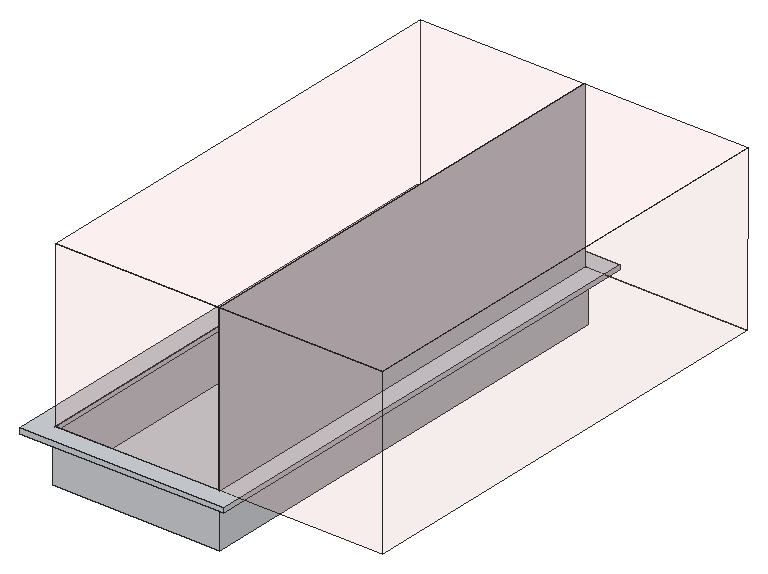
Revit family "Hager-VOLTA-Flush_mounted-IP30-With_Cover-With_DIN-Hosted-AT-de", category Electrical Equipment, host Face, Revit 2023
Family settings
  Host = Face
  Panel Configuration = Two Columns, Circuits Across
  Round Connector Dimension = Use Diameter
  Part Type = Panelboard
  Cut with Voids When Loaded = No
  Maintain Annotation Orientation = Yes
  Shared = No
  Room Calculation Point = No
Parameters (values of type "VOLTA-Flush_mounted_W348_H880_D98_12_Modular_Spacing-VU60NWB")
  Width Control [instance] = if([HG000006-Unterputz], if([EF000846 - Einbaubreite] > min_whd, [EF000846 - Einbaubreite], min_whd), if([EF000008 - Breite] > min_whd, ([EF000008 - Breite]), min_whd))  # 314.5 mm
  Void Depth [instance] = if([HG000006-Unterputz], Depth Control, 1 mm)  # 89 mm
  Uniformat code = "D501001"
  Uniformat = "Low Tension Service & Dist."
  HGEF0002950-Breite in Teilungseinheiten = 12
  HGEF000266-Anzahl der Reihen = 0
  HG000131 - Functional label [instance] = ""
  HG000130 - Functional name [instance] = ""
  Type Comments = ""
  System Height [instance] = Height Control - 2 * [HG000005-Dicke]  # 861 mm
  Reference description = ""
  Reference = "VOLTA-Flush_mounted_W348_H880_D98_12_Modular_Spacing-VU60NWB"
  Object type = ""
  Name hager = "ADD_Enclosures_EC000214"
  Name BIM&CO = "Electricity"
  Name = "VOLTA-Flush_mounted-IP30-With_Cover-With_DIN-AT"
  Model = ""
  HG000099-Onfly Template ID-de-AT = "507532"
  HG000060-RAL-number = "9010"
  HG000059-Operating voltage-de-AT [instance] = 230 V
  HG000017-Distanz zwischen den Polen = 18 mm
  HG000016-3D-Türsichtbarkeit = yes
  HG000015-Sichtbarkeit der Türöffnung = yes
  HG000014-Tür rechts = yes
  HG000013-Tür links = no
  HG000012-Türschwenkwinkel = 90.00°
  HG000011-Leere Reihen von unten = no
  HG000010-Asymmetrische Türen = no
  HG000009-Doppelflügeligen Tür = no
  HG000008-Anzahl der leeren Reihen = 0
  HG000007-Anzahl der leeren Spalten = 0
  HG000006-Unterputz = yes
  HG000005-Dicke = 2 mm
  HG000004-Herstellerreferenz = "VU60NWB"
  HG000003-Bereich = "VOLTA"
  HG000002-Mit tür = yes
  HG000001-Anzahl der Spalten = 0
  GTIN (Global Trade Item Number) = ""
  ETIM class name = "Small distribution board"
  ETIM class code = "EC000214"
  EF015941 - Signaldurchlassende Tür = no
  EF015777 - Neutralleiterklemmenblock = no
  EF015776 - Erdungsklemmenblock = no
  EF009212 - Ausführung Deckel = "mit Ausschnitt"
  EF006306 - Mit Schloss = no
  EF006244 - Transparenter Deckel/Tür = no
  EF005474 - Schutzart (IP) = "IP30"
  EF004464 - Art der Tür = ""
  EF004462 - Art der Schließung = "sonstige"
  EF002950 - Breite in Teilungseinheiten = 12
  EF001596 - Werkstoff des Gehäuses = ""
  EF001134 - DIN-Schiene = yes
  EF001131 - Innentiefe = 0 mm
  EF001088 - Anbaumöglichkeit = yes
  EF001062 - EMV-Ausführung = no
  EF000846 - Einbaubreite = 314.5 mm
  EF000339 - Art der Abdeckung = ""
  EF000332 - Einbauhöhe = 865 mm
  EF000266 - Anzahl der Reihen = 0
  EF000218 - Einbautiefe = 89 mm
  EF000118 - Mit Montageplatte = yes
  EF000116 - RAL-Nummer = 9010
  EF000049 - Tiefe = 98 mm
  EF000040 - Höhe = 880 mm
  EF000024 - UV-beständig = no
  EF000008 - Breite = 348 mm
  EF000007 - Farbe = "weiß"
  EF000003 - Montageart = "Unterputz"
  Creation Date = "12/15/2025 21:41:57"
  Code hager = "ADD-EC000214_EU"
  BIM&CO code = ""
  BC_VARIANT_ID = "1174040"
  BC_OBJECT_VERSION = "#3"  # constant formula
  BC_OBJECT_ID = "513454"  # constant formula
  BC_MODEL_ID = "1547047"  # constant formula
  Arrow Offset [instance] = Depth Control / 8  # 11.125 mm
  Arrow Height [instance] = Depth Control - Arrow Offset  # 77.875 mm
  Host Offset [instance] = if([HG000006-Unterputz], 0 mm, [EF000049 - Tiefe])  # 0 mm
  min_whd [instance] = (2 * [HG000005-Dicke]) + 1 mm  # 5 mm
  Manufacturer = "Hager"  # constant formula
  Height Control [instance] = if([HG000006-Unterputz], if([EF000332 - Einbauhöhe] > min_whd, [EF000332 - Einbauhöhe], min_whd), if([EF000040 - Höhe] > min_whd, ([EF000040 - Höhe]), min_whd))  # 865 mm
  Flush Mounted - Door Frame Width [instance] = if(([EF000040 - Höhe] - [EF000332 - Einbauhöhe]) > 0 mm, if([HG000006-Unterputz], [EF000040 - Höhe] - [EF000332 - Einbauhöhe], 0 mm), 0 mm)  # 15 mm
  Depth Control [instance] = if([HG000006-Unterputz], if([EF000218 - Einbautiefe] > 0 mm, [EF000218 - Einbautiefe], 1 mm), if([EF000049 - Tiefe] > 0 mm, ([EF000049 - Tiefe]), 1 mm))  # 89 mm
  Default Elevation = 0 mm
Types (15, lengths in mm): name | HGEF000266-Anzahl der Reihen | System Height | Reference | HG000011-Leere Reihen von unten | HG000008-Anzahl der leeren Reihen | HG000004-Herstellerreferenz | HG000001-Anzahl der Spalten | EF015941 - Signaldurchlassende Tür | EF015777 - Neutralleiterklemmenblock | EF015776 - Erdungsklemmenblock | EF009212 - Ausführung Deckel | EF004462 - Art der Schließung | EF001088 - Anbaumöglichkeit | EF000332 - Einbauhöhe | EF000266 - Anzahl der Reihen | EF000118 - Mit Montageplatte | EF000040 - Höhe | EF000007 - Farbe | BC_VARIANT_ID | Height Control | Flush Mounted - Door Frame Width
  VOLTA-Flush_mounted_W348_H356_D98_12_Modular_Spacing-VU12AT | 1 | 317 | "VOLTA-Flush_mounted_W348_H356_D98_12_Modular_Spacing-VU12AT" | no | 0 | "VU12AT" | 1 | no | yes | yes | "mit Ausschnitt" | "sonstige" | yes | 321 | 1 | no | 356 | "weiß" | "1174021" | 321 | 35
  VOLTA-Flush_mounted_W348_H505_D98_12_Modular_Spacing-VU24AT | 2 | 466 | "VOLTA-Flush_mounted_W348_H505_D98_12_Modular_Spacing-VU24AT" | no | 0 | "VU24AT" | 1 | no | yes | yes | "mit Ausschnitt" | "sonstige" | yes | 470 | 2 | no | 505 | "weiß" | "1174022" | 470 | 35
  VOLTA-Flush_mounted_W348_H505_D98_12_Modular_Spacing-VU24NWB | 0 | 466 | "VOLTA-Flush_mounted_W348_H505_D98_12_Modular_Spacing-VU24NWB" | no | 0 | "VU24NWB" | 0 | no | no | no | "mit Ausschnitt" | "sonstige" | yes | 470 | 0 | yes | 505 | "weiß" | "1174023" | 470 | 35
  VOLTA-Flush_mounted_W348_H630_D98_12_Modular_Spacing-VU36AT | 3 | 591 | "VOLTA-Flush_mounted_W348_H630_D98_12_Modular_Spacing-VU36AT" | no | 0 | "VU36AT" | 1 | no | yes | yes | "mit Ausschnitt" | "sonstige" | yes | 595 | 3 | no | 630 | "weiß" | "1174024" | 595 | 35
  VOLTA-Flush_mounted_W348_H630_D98_12_Modular_Spacing-VU36CJG | 3 | 591 | "VOLTA-Flush_mounted_W348_H630_D98_12_Modular_Spacing-VU36CJG" | no | 0 | "VU36CJG" | 1 | no | no | yes | "mit Ausschnitt" | "sonstige" | yes | 595 | 3 | no | 630 | "weiß" | "1174025" | 595 | 35
  VOLTA-Flush_mounted_W348_H630_D98_12_Modular_Spacing-VU36NWB | 0 | 591 | "VOLTA-Flush_mounted_W348_H630_D98_12_Modular_Spacing-VU36NWB" | no | 0 | "VU36NWB" | 0 | no | no | no | "mit Ausschnitt" | "sonstige" | yes | 595 | 0 | yes | 630 | "weiß" | "1174026" | 595 | 35
  VOLTA-Flush_mounted_W348_H630_D98_12_Modular_Spacing-VU36WWH | 0 | 591 | "VOLTA-Flush_mounted_W348_H630_D98_12_Modular_Spacing-VU36WWH" | no | 0 | "VU36WWH" | 0 | yes | no | no | "mit Ausschnitt" | "sonstige" | yes | 595 | 0 | yes | 630 | "weiß" | "1174027" | 595 | 35
  VOLTA-Flush_mounted_W348_H755_D98_12_Modular_Spacing-VU48AT | 4 | 716 | "VOLTA-Flush_mounted_W348_H755_D98_12_Modular_Spacing-VU48AT" | no | 0 | "VU48AT" | 1 | no | yes | yes | "mit Ausschnitt" | "sonstige" | yes | 720 | 4 | no | 755 | "weiß" | "1174028" | 720 | 35
  VOLTA-Flush_mounted_W348_H755_D98_12_Modular_Spacing-VU48NWB | 0 | 716 | "VOLTA-Flush_mounted_W348_H755_D98_12_Modular_Spacing-VU48NWB" | no | 0 | "VU48NWB" | 0 | no | no | no | "mit Ausschnitt" | "sonstige" | yes | 720 | 0 | yes | 755 | "weiß" | "1174029" | 720 | 35
  VOLTA-Flush_mounted_W348_H880_D98_12_Modular_Spacing-VU602NWH | 6 | 861 | "VOLTA-Flush_mounted_W348_H880_D98_12_Modular_Spacing-VU602NWH" | yes | 4 | "VU602NWH" | 1 | no | no | no | "" | "" | no | 865 | 6 | no | 880 | "" | "1174031" | 865 | 15
  VOLTA-Flush_mounted_W348_H880_D98_12_Modular_Spacing-VU602WWH | 6 | 861 | "VOLTA-Flush_mounted_W348_H880_D98_12_Modular_Spacing-VU602WWH" | yes | 4 | "VU602WWH" | 1 | no | no | no | "" | "" | no | 865 | 6 | no | 880 | "" | "1174032" | 865 | 15
  VOLTA-Flush_mounted_W348_H880_D98_12_Modular_Spacing-VU603NWH | 6 | 861 | "VOLTA-Flush_mounted_W348_H880_D98_12_Modular_Spacing-VU603NWH" | yes | 3 | "VU603NWH" | 1 | no | no | no | "" | "" | no | 865 | 6 | no | 880 | "" | "1174034" | 865 | 15
  VOLTA-Flush_mounted_W348_H880_D98_12_Modular_Spacing-VU603WWH | 6 | 861 | "VOLTA-Flush_mounted_W348_H880_D98_12_Modular_Spacing-VU603WWH" | yes | 3 | "VU603WWH" | 1 | no | no | no | "" | "" | no | 865 | 6 | no | 880 | "" | "1174036" | 865 | 15
  VOLTA-Flush_mounted_W348_H880_D98_12_Modular_Spacing-VU60AT | 5 | 841 | "VOLTA-Flush_mounted_W348_H880_D98_12_Modular_Spacing-VU60AT" | no | 0 | "VU60AT" | 1 | no | yes | yes | "mit Ausschnitt" | "sonstige" | yes | 845 | 5 | no | 880 | "weiß" | "1174038" | 845 | 35
  VOLTA-Flush_mounted_W348_H880_D98_12_Modular_Spacing-VU60NWB | 0 | 861 | "VOLTA-Flush_mounted_W348_H880_D98_12_Modular_Spacing-VU60NWB" | no | 0 | "VU60NWB" | 0 | no | no | no | "mit Ausschnitt" | "sonstige" | yes | 865 | 0 | yes | 880 | "weiß" | "1174040" | 865 | 15
Reference planes
  plane 1 "Center (Front/Back)": y = 0
  plane 2: z = 0
  plane 3 "Center (Left/Right)": x = 0
  plane 4: z = 0
  plane 5: y = 17
  plane 6: z = -5
  plane 7: y = 447.5
  plane 8: y = 15
  plane 9: y = 880
  plane 10: z = -89
  plane 11: x = -157.25
  plane 12: x = 157.25
  plane 13: x = 155.25
  plane 14: x = -155.25
  plane 15: y = 878
  plane 16: z = -87
  plane 17: z = -2
  plane 18: z = -89
  plane 19: z = -2
  plane 20 "Annotation H": y = -100
  plane 21 "Annotation V": x = 457.25
Forms (mm)
  Extrusion 1, solid
    sketch origin (-583.045, 15, 1219.2) x (-1, 0, 0) y (0, 0, 1)
      loop
        line (-425.795, -1219.2) -> (-740.295, -1219.2) -> (-740.295, -1308.2) -> (-425.795, -1308.2) -> (-425.795, -1219.2)
    from 0 to 865 <- "Height Control"
  Extrusion 2, void
    sketch origin (-381.607, -4572, 0) x (0, -1, 0) y (-1, 0, 0)
      loop
        line (-5450, -226.357) -> (-5450, -536.857) -> (-4589, -536.857) -> (-4589, -226.357) -> (-5450, -226.357)
    from 0 to 87
  Extrusion 3, void
    sketch origin (0, 0, 0) x (1, 0, 0) y (0, 1, 0)
      loop
        line (-157.25, 15) -> (157.25, 15) -> (157.25, 880) -> (-157.25, 880) -> (-157.25, 15)
    from -89 to 1
  Extrusion 4, solid, detail levels coarse+medium
    sketch origin (-381.607, -4572, 0) x (-1, 0, 0) y (0, -1, 0)
      loop
        line (-226.357, -5450) -> (-226.357, -4589) -> (-536.857, -4589) -> (-536.857, -5450) -> (-226.357, -5450)
    from 0 to -2
Cuts and joins
  Extrusion 2 cuts Extrusion 1
Dimensions and locks
  plane 4 to plane 6 = 5 mm
  "Host Offset": plane 4 to host face
  "Flush Mounted - Door Frame Width": plane 1 "Center (Front/Back)" to plane 8
  "HG000005-Dicke": plane 5 to plane 8
  locked: connector elem to plane 3 "Center (Left/Right)"
  "Height Control": plane 9 to plane 8
  equal spacing: plane 9, plane 7, plane 8
  locked: connector elem to plane 7
  "Depth Control": plane 4 to plane 10
  "HG000005-Dicke": plane 11 to plane 14
  "HG000005-Dicke": plane 12 to plane 13
  equal spacing: plane 11, plane 3 "Center (Left/Right)", plane 12
  "Width Control": plane 11 to plane 12
  "Arrow Offset": nested 4 to plane 10
  "HG000005-Dicke": plane 9 to plane 15
  "HG000005-Dicke": plane 16 to plane 10
  "HG000005-Dicke": plane 4 to plane 17
  "Void Depth": plane 2 to plane 18
  "HG000005-Dicke": plane 4 to plane 19
  locked: plane 20 "Annotation H" to plane 1 "Center (Front/Back)" at 100
  locked: plane 12 to plane 21 "Annotation V" at 300
  aligned and locked: plane 2 to host face
  aligned and locked: level to host face
  aligned and locked: plane 3 "Center (Left/Right)" to nested 2
  aligned and locked: plane 4 to nested 2
  aligned and locked: nested 2 to plane 8
  aligned and locked: nested 1 to plane 6
  aligned and locked: plane 5 to nested 1
  aligned and locked: nested 4 to plane 11
  aligned and locked: nested 3 to plane 4
  aligned and locked: Extrusion 1 sketch curve to plane 12
  aligned and locked: Extrusion 1 sketch curve to plane 11
  aligned and locked: nested 3 to plane 10
  aligned and locked: plane 10 to Extrusion 1 sketch curve
  aligned and locked: plane 5 to Extrusion 2 sketch curve
  aligned and locked: Extrusion 2 sketch curve to plane 15
  aligned and locked: Extrusion 2 sketch curve to plane 14
  aligned and locked: Extrusion 2 sketch curve to plane 13
  aligned and locked: plane 11 to Extrusion 3 sketch curve
  aligned and locked: plane 9 to Extrusion 3 sketch curve
  aligned and locked: Extrusion 3 sketch curve to plane 8
  aligned and locked: plane 12 to Extrusion 3 sketch curve
  aligned and locked: nested 3 to plane 12
  aligned and locked: Extrusion 3 to plane 18
  aligned and locked: Extrusion 2 to plane 16
  aligned and locked: Extrusion 1 sketch curve to plane 4
  aligned and locked: Extrusion 4 to plane 17
  aligned and locked: Extrusion 4 sketch curve to plane 15
  aligned and locked: Extrusion 4 sketch curve to plane 13
  aligned and locked: Extrusion 4 sketch curve to plane 14
  aligned and locked: plane 5 to Extrusion 4 sketch curve
  aligned and locked: nested 5 to plane 21 "Annotation V"
  aligned and locked: plane 20 "Annotation H" to nested 5
Automatic sketch dimensions
  host sketch curve to host sketch curve = 1469.727 mm
  host sketch curve to host sketch curve = 1434.803 mm
Nested families
  nested 1: "Hager_Enclosure_System" at (0, 17, -5) x (1, 0, 0) z (0, 1, 0), Height <- "System Height", Width_Control <- "Width Control", Built-in_Width <- "EF000846 - Einbaubreite", Width <- "EF000008 - Breite", Depth <- "HG000005-Dicke", Border <- "HG000005-Dicke", Distance_Between_Poles <- "HG000017-Distanz zwischen den Polen", Flush_Mounted <- "HG000006-Unterputz", Empty_Columns <- "HG000007-Anzahl der leeren Spalten", Total_No_Empty_Rows <- "HG000008-Anzahl der leeren Reihen", Empty_Rows_From_Bottom <- "HG000011-Leere Reihen von unten", Columns_Count <- "HG000001-Anzahl der Spalten", Rows_Count <- "HGEF000266-Anzahl der Reihen", Row_Module_Multiplicator <- "HGEF0002950-Breite in Teilungseinheiten", type "Hager_Enclosure_System", detail levels fine
    with Width_Control 314.5 mm, Width 348 mm, Total_No_Rows 0, Total_No_Empty_Rows 0, Total_No_Columns 1, System_Width 310.5 mm, Rows_Count 0, Rows_Column 0, Row_Module_Multiplicator 12, Panel_4 no, Panel_3 no, Panel_2 no, Panel_1 no, No_Panels_Ctrl 1, Hide_Columns yes, Height 861 mm, Flush_Mounted yes, Empty_Rows_From_Bottom no, Empty_Rows_Column 0, Empty_Columns 0, Empty column 4 0, Empty column 3 0, Empty column 2 0, Empty column 1 0, Distance_Between_Poles 18 mm, Depth 2 mm, Columns_Count 0, Column_Width 310.5 mm, Built-in_Width 314.5 mm, Border 2 mm
  nested 2: "Hager_Enclosure_Door" at (0, 15, 0) x (1, 0, 0) z (0, 1, 0), Height_Ctrl <- "Height Control", Width_Ctrl <- "Width Control", BuiltIn_Depth <- "EF000218 - Einbautiefe", Depth <- "EF000049 - Tiefe", BuiltIn_Width <- "EF000846 - Einbaubreite", Height <- "EF000040 - Höhe", BuiltIn_Height <- "EF000332 - Einbauhöhe", Width <- "EF000008 - Breite", Transparent <- "EF006244 - Transparenter Deckel/Tür", Border <- "HG000005-Dicke", Door <- "HG000002-Mit tür", Flush_Mounted <- "HG000006-Unterputz", Double <- "HG000009-Doppelflügeligen Tür", Assymetrical <- "HG000010-Asymmetrische Türen", Angle <- "HG000012-Türschwenkwinkel", Door_Left <- "HG000013-Tür links", Door_Right <- "HG000014-Tür rechts", Clearance <- "HG000015-Sichtbarkeit der Türöffnung", 3d_Door <- "HG000016-3D-Türsichtbarkeit", type "Hager_Enclosure_Door", detail levels medium+fine
    with min_wh 5 mm, Width_Ctrl 314.5 mm, Width 348 mm, Transparent_Door_No_Bottom_Border no, Transparent no, Leaf_Width 307.5 mm, Leaf_Tolerance 1.5 mm, Leaf_Height 858 mm, Leaf_2_Width 307.5 mm, Leaf_2_Offset 153.75 mm, Leaf_1_Width 307.5 mm, Leaf_1_Offset 153.75 mm, Height_Ctrl 865 mm, Height 880 mm, Frame_Width_Ctrl 33.5 mm, Frame_Width 33.5 mm, Frame_Internal_Offset 2 mm, Frame_Height_Ctrl 15 mm, Frame_Height 15 mm, Frame_Depth_Ctrl 9 mm, Frame_Depth 9 mm, Flush_Mounted yes, Double_Clearance_Ctrl no, Double no, Door_Right_Ctrl yes, Door_Right yes, Door_Left_Ctrl no, Door_Left no, Door yes, Depth 98 mm, Clearance_Depth 307.5 mm, Clearance_Ctrl yes, Clearance yes, BuiltIn_Width 314.5 mm, BuiltIn_Height 865 mm, BuiltIn_Depth 89 mm, Border 2 mm, Assymetrical no, Angle 90.00°, 3d_Door yes
  nested 3: "Hager_Enclosure_Symbol_Triangle" at (-157.25, 0, -89) x (1, 0, 0) z (0, -1, 0), Depth <- "Depth Control", Width <- "Width Control", type "Hager_Enclosure_Symbol_Triangle"
    with Width_Ctrl 314.5 mm, Width 314.5 mm, Depth_Ctrl 89 mm, Depth 89 mm
  nested 4: "Hager_Enclosure_Symbol_Arrow" at (-157.25, 0, -77.875) x (1, 0, 0) z (0, -1, 0), Height <- "Arrow Height", type "Hager_Enclosure_Symbol_Arrow"
    with Width_Inside 5.841 mm, Width 70.087 mm, Height_Ctrl 77.875 mm, Height 77.875 mm
  nested 5: "Hager_Annotation-HG000130" at (457.25, -100, 0) x (-1, 0, 0) z (0, 0, 1), HG000130 - Functional name <- "HG000130 - Functional name", type "Hager_Annotation-HG000130"
    with HG000130 - Functional name ""
Connectors
  electrical at (0, 447.5, -89)
    settings: on plane 10, index 1, voltage 0 V, apparent load 0 VA, apparent load phase1 0 VA, apparent load phase2 0 VA, apparent load phase3 0 VA, power factor 1, load classification "Other", number of poles 1, system type 30, power factor state 1, is connector primary yes, connector utility no, sub classification motor no, connector description ""
Definition of nested family "Hager_Enclosure_Door"
  Parameters (values of type "Hager_Enclosure_Door")
    min_wh [instance] = (2 * Border) + 1 mm  # 11 mm
    Width_Ctrl [instance] = 400 mm
    Width [instance] = 500 mm
    Transparent_Door_No_Bottom_Border [instance] = no
    Transparent [instance] = yes
    Leaf_Width [instance] = if((Width_Ctrl - 2 * Border - 2 * Leaf_Tolerance) > 0 mm, (Width_Ctrl - 2 * Border - 2 * Leaf_Tolerance), min_wh)  # 387 mm
    Leaf_Tolerance [instance] = 1.5 mm  # constant formula
    Leaf_Height [instance] = if((Height_Ctrl - 2 * Border - 2 * Leaf_Tolerance) > 0 mm, (Height_Ctrl - 2 * Border - 2 * Leaf_Tolerance), min_wh)  # 387 mm
    Leaf_2_Width [instance] = if(and(and(Double, Assymetrical), Door_Left), (Leaf_Width / 3) - (Leaf_Tolerance / 2), if(and(and(Double, Assymetrical), Door_Right), (Leaf_Width / 3) * 2 - (Leaf_Tolerance / 2), if(and(Double, not(Assymetrical)), (Leaf_Width / 2) - Leaf_Tolerance, Leaf_Width)))  # 387 mm
    Leaf_2_Offset [instance] = if(and(Double, Assymetrical), Leaf_2_Width / 2, if(and(Double, not(Assymetrical)), Leaf_Width / 4, Leaf_Width / 2))  # 193.5 mm
    Leaf_1_Width [instance] = if(and(and(Double, Assymetrical), Door_Right), (Leaf_Width / 3) - (Leaf_Tolerance / 2), if(and(and(Double, Assymetrical), Door_Left), (Width / 3) * 2 - (Leaf_Tolerance / 2), if(and(Double, not(Assymetrical)), (Leaf_Width / 2) - Leaf_Tolerance, Leaf_Width)))  # 387 mm
    Leaf_1_Offset [instance] = if(and(Double, Assymetrical), Leaf_1_Width / 2, if(and(Double, not(Assymetrical)), Leaf_Width / 4, Leaf_Width / 2))  # 193.5 mm
    Height_Ctrl [instance] = 400 mm
    Height [instance] = 500 mm
    Frame_Width_Ctrl [instance] = if(Frame_Width > 0 mm, Frame_Width, 1 mm)  # 1 mm
    Frame_Width [instance] = Width - BuiltIn_Width  # 0 mm
    Frame_Internal_Offset [instance] = if(Flush_Mounted, Border, 0 mm)  # 5 mm
    Frame_Height_Ctrl [instance] = if(Frame_Height > 0 mm, Frame_Height, 1 mm)  # 1 mm
    Frame_Height [instance] = Height - BuiltIn_Height  # 0 mm
    Frame_Depth_Ctrl [instance] = if(Frame_Depth > 0 mm, Frame_Depth, 1 mm)  # 1 mm
    Frame_Depth [instance] = if(Depth - BuiltIn_Depth > 0 mm, if(Flush_Mounted, Depth - BuiltIn_Depth, 0 mm), 0 mm)  # 0 mm
    Flush_Mounted [instance] = yes
    Double_Clearance_Ctrl [instance] = and(Double, Clearance)  # no
    Double [instance] = no
    Door_Right_Ctrl [instance] = and(or(Door_Right, Double), Door)  # yes
    Door_Right [instance] = yes
    Door_Left_Ctrl [instance] = and(or(Door_Left, Double), Door)  # no
    Door_Left [instance] = no
    Door [instance] = yes
    Depth [instance] = 500 mm
    Default Elevation = 1219.2 mm
    Clearance_Material = none
    Clearance_Depth [instance] = if(Leaf_1_Width > Leaf_2_Width, Leaf_1_Width, Leaf_2_Width)  # 387 mm
    Clearance_Ctrl [instance] = and(not(Double), Clearance)  # yes
    Clearance [instance] = yes
    BuiltIn_Width [instance] = 500 mm
    BuiltIn_Height [instance] = 500 mm
    BuiltIn_Depth [instance] = 500 mm
    Border [instance] = 5 mm
    Assymetrical [instance] = yes
    Angle [instance] = 30.00°
    3d_Door [instance] = yes
  Reference planes
    plane 1 "Center (Front/Back)": y = 0
    plane 2 "Bottom": z = 0
    plane 3 "Center (Left/Right)": x = 0
    plane 4: z = 400
    plane 5: x = -200
    plane 6: x = 200
    plane 7: z = 395
    plane 8: x = -195
    plane 9: z = 5
    plane 10: x = 195
    plane 11: y = 0
    plane 12: z = 6.5
    plane 13: x = -582
    plane 14: y = -387
    plane 15: x = 582
    plane 16: x = 0
    plane 17: x = 0
    plane 18: x = -193.5
    plane 19: x = 193.5
    plane 20: z = 393.5
  Forms (mm)
    Extrusion 1, solid, visible <- "Flush_Mounted"
      sketch origin (0, 0, 0) x (1, 0, 0) y (0, 0, 1)
        loop
          line (195, 5) -> (195, 395) -> (-195, 395) -> (-195, 5) -> (195, 5)
        loop
          line (-201, 401) -> (-201, -1) -> (201, -1) -> (201, 401) -> (-201, 401)
      from 0 to 1 <- "Frame_Depth_Ctrl"
    Extrusion 2, solid, material <- "Clearance_Material", visible <- "Double_Clearance_Ctrl"
      sketch origin (1200, 0, 0) x (1, 0, 0) y (0, 0, -1)
        loop
          line (-1782, -393.5) -> (-618, -393.5) -> (-618, 0) -> (-1782, 0) -> (-1782, -393.5)
      from 0 to -387
  Dimensions and locks
    equal spacing: plane 5, plane 3 "Center (Left/Right)", plane 6
    "Width_Ctrl": plane 5 to plane 6
    "Border": plane 5 to plane 8
    "Border": plane 6 to plane 10
    "Border": plane 9 to level
    "Border": plane 4 to plane 7
    "Height_Ctrl": plane 4 to level
    "Leaf_Tolerance": plane 12 to plane 9
    "Frame_Depth": plane 11 to plane 1 "Center (Front/Back)"
    "Frame_Width_Ctrl": plane 5 to Extrusion 1 sketch curve
    "Frame_Width_Ctrl": plane 6 to Extrusion 1 sketch curve
    "Frame_Width_Ctrl": Extrusion 1 sketch curve to plane 4
    "Frame_Width_Ctrl": plane 2 "Bottom" to Extrusion 1 sketch curve
    "Leaf_1_Offset": plane 18 to plane 16
    "Leaf_2_Offset": plane 17 to plane 19
    "Leaf_1_Width": plane 13 to plane 8
    "Leaf_2_Width": plane 10 to plane 15
    "Clearance_Depth": plane 14 to plane 1 "Center (Front/Back)"
    "Leaf_Tolerance": plane 8 to plane 18
    "Leaf_Tolerance": plane 19 to plane 10
    "Leaf_Tolerance": plane 7 to plane 20
    "Frame_Internal_Offset": plane 5 to Extrusion 1 sketch curve
    "Frame_Internal_Offset": Extrusion 1 sketch curve to plane 2 "Bottom"
    "Frame_Internal_Offset": plane 6 to Extrusion 1 sketch curve
    "Frame_Internal_Offset": plane 4 to Extrusion 1 sketch curve
    aligned and locked: level to plane 2 "Bottom"
    aligned and locked: nested 1 to plane 16
    aligned and locked: nested 2 to plane 17
    aligned and locked: Extrusion 2 to plane 13
    aligned and locked: plane 15 to Extrusion 2
    aligned and locked: Extrusion 2 to plane 14
    aligned and locked: plane 12 to nested 1
    aligned and locked: nested 2 to plane 12
    aligned and locked: Extrusion 2 to plane 11
    aligned and locked: plane 20 to Extrusion 2
    aligned and locked: nested 2 to plane 11
    aligned and locked: nested 1 to plane 11
  Automatic sketch dimensions
    Extrusion 2 sketch curve to level = 0 mm
    plane 5 to Extrusion 2 sketch curve = 382 mm
    plane 6 to Extrusion 2 sketch curve = 382 mm
    Extrusion 2 sketch curve to plane 4 = 6.5 mm
  Nested families
    nested 1: "Hager_Enclosure_Door_Leaf" at (0, 0, 6.5), Width <- "Leaf_1_Width", visible <- "Door_Left_Ctrl", Leaf_Height <- "Leaf_Height", Angle <- "Angle", Depth <- "Border", 3d_Door <- "3d_Door", Transparent <- "Transparent", Clearance Material <- "Clearance_Material", Clearance <- "Clearance_Ctrl", Transparent_Door_No_Bottom_Border <- "Transparent_Door_No_Bottom_Border", type "Hager_Enclosure_Door_Leaf"
      with Width 387 mm, Transparent_Door_No_Bottom_Border no, Transparent_Door_Border_Bottom_Top 25 mm, Transparent_Door_Border 25 mm, Transparent_Ctrl yes, Transparent yes, Standard no, Leaf_Height 387 mm, Glass_Offset 1 mm, Depth 5 mm, Clearance Material none, Clearance yes, Angle_Ctrl 30.00°, Angle 30.00°, 3d_Door yes
    nested 2: "Hager_Enclosure_Door_Leaf" at (0, 0, 6.5) x (-1, 0, 0) z (0, 0, 1), Width <- "Leaf_2_Width", visible <- "Door_Right_Ctrl", Leaf_Height <- "Leaf_Height", Angle <- "Angle", Depth <- "Border", 3d_Door <- "3d_Door", Transparent <- "Transparent", Clearance Material <- "Clearance_Material", Clearance <- "Clearance_Ctrl", Transparent_Door_No_Bottom_Border <- "Transparent_Door_No_Bottom_Border", type "Hager_Enclosure_Door_Leaf"
      with Width 387 mm, Transparent_Door_No_Bottom_Border no, Transparent_Door_Border_Bottom_Top 25 mm, Transparent_Door_Border 25 mm, Transparent_Ctrl yes, Transparent yes, Standard no, Leaf_Height 387 mm, Glass_Offset 1 mm, Depth 5 mm, Clearance Material none, Clearance yes, Angle_Ctrl 30.00°, Angle 30.00°, 3d_Door yes
  Definition of nested family "Hager_Enclosure_Door_Leaf"
    Parameters (values of type "Hager_Enclosure_Door_Leaf")
      Width [instance] = 2000 mm
      Transparent_Door_No_Bottom_Border [instance] = yes
      Transparent_Door_Border_Bottom_Top [instance] = if(Transparent_Door_No_Bottom_Border, 0.1 mm, Transparent_Door_Border)  # 0.1 mm
      Transparent_Door_Border [instance] = if(Transparent_Door_No_Bottom_Border, (Width * 0.12), 25 mm)  # 240 mm
      Transparent_Ctrl [instance] = and(Transparent, [3d_Door])  # yes
      Transparent [instance] = yes
      Standard [instance] = and(not(Transparent), [3d_Door])  # no
      Leaf_Height [instance] = 2720.336 mm
      Glass_Offset [instance] = if((Depth - 10 mm) / 2 > 0 mm, (Depth - 10 mm) / 2, 1 mm)  # 15 mm
      Glass_Material = none
      Depth [instance] = 40 mm
      Default Elevation = 0 mm
      Clearance Material [instance] = none
      Clearance [instance] = yes
      Angle_Ctrl [instance] = if(Angle > 170.00°, 170.00°, Angle)  # 45.00°
      Angle [instance] = 45.00°
      3d_Door [instance] = yes
    Reference planes
      plane 1 "Center (Front/Back)": y = 0
      plane 2: z = 0
      plane 3 "Center (Left/Right)": x = 0
      plane 4: y = 2000
      plane 5: x = -1000
      plane 6: x = 1000
      plane 7: x = -3000
      plane 8: z = 2720.336
      plane 9: z = 0.1
      plane 10: z = 2720.236
      plane 11: x = 760
      plane 12: x = -760
    Forms (mm)
      Extrusion 1, solid, material <- "Clearance Material", visible <- "Clearance"
        sketch origin (0, 0, 0) x (1, 0, 0) y (0, 0, 1)
          loop
            line (-3000, 2720.336) -> (-3000, 0) -> (1000, 0) -> (1000, 2720.336) -> (-3000, 2720.336)
        from 0 to -2000
      Extrusion 2, solid, visible <- "Standard", detail levels medium+fine
        sketch origin (-1000, 0, 0) x (0.707107, 0.707107, 0) y (-0.707107, 0.707107, 0)
          loop
            line (0, -40) -> (2000, -40) -> (2000, 0) -> (0, 0) -> (0, -40)
        from 0 to 2720.336 <- "Leaf_Height"
      Extrusion 3, solid, visible <- "Transparent_Ctrl", detail levels medium+fine
        sketch origin (-1000, 0, 0) x (0.707107, 0.707107, 0) y (-0.707107, 0.707107, 0)
          loop
            line (0, -40) -> (2000, -40) -> (2000, 0) -> (0, 0) -> (0, -40)
        from 0 to 2720.336 <- "Leaf_Height"
      Extrusion 4, void, detail levels medium+fine
        sketch origin (-1000, 0, 0) x (-0.707107, 0.707107, 0) y (0.707107, 0.707107, 0)
          loop
            line (0, 240) -> (0, 1760) -> (-40, 1760) -> (-40, 240) -> (0, 240)
        from -2720.236 to -0.1
      Extrusion 5, solid, material <- "Glass_Material", visible <- "Transparent_Ctrl", detail levels medium+fine
        sketch origin (-1000, 0, 0) x (0.707107, 0.707107, 0) y (-0.707107, 0.707107, 0)
          loop
            line (240, -15) -> (240, -25) -> (1760, -25) -> (1760, -15) -> (240, -15)
        from 0.1 to 2720.236
    Cuts and joins
      Extrusion 4 cuts Extrusion 3
    Lines and regions (mm)
      symbolic lines
        curve 1: line (1000, 0, 0) -> (-3000, 0, 0)
        curve 2: arc (1000, 0, 0) -> (-1000, 2000, 0) -> (-3000, 0, 0) r 2000
        curve 4: line (-1000, 0, 0) -> (414.214, 1414.214, 0)
      reference lines
        curve 3: line (-1000, 0, 0) -> (414.214, 1414.214, 0)
      symbolic lines, detail levels medium+fine
        curve 5: line (414.214, 1414.214, 0) -> (442.498, 1385.929, 0)
        curve 6: line (442.498, 1385.929, 0) -> (-971.716, -28.284, 0)
        curve 7: line (-971.716, -28.284, 0) -> (-1000, 0, 0)
        curve 8: line (-1000, 0, 2720.336) -> (1000, 0, 2720.336)
        curve 9: line (-1000, 0, 0) -> (-1000, 0, 2720.336)
        curve 10: line (1000, 0, 0) -> (-1000, 0, 0)
        curve 11: line (1000, 0, 2720.336) -> (1000, 0, 0)
      symbolic lines, visible <- "Transparent_Ctrl", detail levels medium+fine
        curve 12: line (-760, 0, 2720.236) -> (760, 0, 2720.236)
        curve 13: line (-760, 0, 0.1) -> (-760, 0, 2720.236)
        curve 14: line (760, 0, 0.1) -> (-760, 0, 0.1)
        curve 15: line (760, 0, 2720.236) -> (760, 0, 0.1)
    Dimensions and locks
      "Width": plane 1 "Center (Front/Back)" to plane 4
      equal spacing: plane 5, plane 3 "Center (Left/Right)", plane 6
      "Width": plane 5 to plane 6
      "Width": plane 7 to plane 5
      "Leaf_Height": plane 8 to level
      "Depth": curve 6 to curve 3
      "Width": curve 5 to curve 3
      "Width": curve 3 to curve 3
      "Transparent_Door_Border": Extrusion 4 sketch curve to curve 7
      "Transparent_Door_Border": Extrusion 4 sketch curve to curve 5
      "Transparent_Door_Border_Bottom_Top": plane 8 to plane 10
      "Transparent_Door_Border_Bottom_Top": plane 9 to level
      "Glass_Offset": Extrusion 5 sketch curve to curve 4
      "Glass_Offset": Extrusion 5 sketch curve to curve 6
      "Transparent_Door_Border": Extrusion 5 sketch curve to curve 5
      "Transparent_Door_Border": Extrusion 5 sketch curve to curve 7
      "Transparent_Door_Border": plane 12 to plane 5
      "Transparent_Door_Border": plane 6 to plane 11
      "Angle_Ctrl": angle plane 1 "Center (Front/Back)" to curve 3
      aligned and locked: level to plane 2
      aligned and locked: Extrusion 1 to curve 1
      aligned and locked: plane 6 to Extrusion 1
      aligned and locked: Extrusion 1 to plane 1 "Center (Front/Back)"
      aligned and locked: plane 4 to Extrusion 1
      aligned and locked: plane 8 to Extrusion 1
      aligned and locked: curve 4 to curve 3
      aligned and locked: Extrusion 2 sketch curve to curve 7
      aligned and locked: Extrusion 2 sketch curve to curve 6
      aligned and locked: Extrusion 2 sketch curve to curve 5
      aligned and locked: Extrusion 2 sketch curve to curve 3
      aligned and locked: curve 7 to Extrusion 3 sketch curve
      aligned and locked: Extrusion 3 sketch curve to curve 4
      aligned and locked: Extrusion 3 sketch curve to curve 6
      aligned and locked: Extrusion 3 sketch curve to curve 5
      aligned and locked: curve 4 to Extrusion 4 sketch curve
      aligned and locked: curve 6 to Extrusion 4 sketch curve
      aligned and locked: Extrusion 4 to plane 9
      aligned and locked: Extrusion 4 to plane 10
      aligned and locked: Extrusion 5 to plane 9
      aligned and locked: Extrusion 5 to plane 10
      aligned and locked: curve 8 to plane 8
      aligned and locked: plane 5 to curve 9
      aligned and locked: plane 2 to curve 10
      aligned and locked: curve 11 to plane 6
      aligned and locked: plane 10 to curve 12
      aligned and locked: plane 12 to curve 13
      aligned and locked: curve 14 to plane 9
      aligned and locked: plane 11 to curve 15
    Automatic sketch dimensions
      plane 1 "Center (Front/Back)" to curve 2 = 0 mm
      curve 2 to plane 5 = 0 mm
      Extrusion 1 sketch curve to level = 0 mm
      Extrusion 1 sketch curve to plane 7 = 0 mm
      Extrusion 1 sketch curve to plane 6 = 0 mm
      Extrusion 1 sketch curve to plane 8 = 0 mm
      plane 1 "Center (Front/Back)" to curve 3 = 0 mm
      curve 3 to plane 5 = 0 mm
      curve 7 to curve 3 = 0 mm
Definition of nested family "Hager_Enclosure_Symbol_Triangle"
  Parameters (values of type "Hager_Enclosure_Symbol_Triangle")
    Width_Ctrl [instance] = if(Width > 1 mm, Width, 1 mm)  # 498 mm
    Width [instance] = 498 mm
    Depth_Ctrl [instance] = if(Depth > 1 mm, Depth, 1 mm)  # 72 mm
    Depth [instance] = 72 mm
  Reference planes
    plane 1 "Centre (avant/arrière)": y = 0
    plane 2: z = 0
    plane 3 "Centre (gauche/droite)": x = 0
  Lines and regions (mm)
    Filled region 1, type "Solid_Black", in view "Niveau de réf."
      outline origin (0, 0, 0) x (1, 0, 0) y (0, 1, 0)
        loop
          line (0, 0) -> (498, 0) -> (498, 72) -> (0, 0)
    reference lines, in view "Niveau de réf."
      curve 1: line (-206.153, 72, 0) -> (1083.258, 72, 0)
      curve 2: line (498, 405.456, 0) -> (498, -517.619, 0)
  Dimensions and locks
    "Depth_Ctrl": plane 1 "Centre (avant/arrière)" to curve 1
    "Width_Ctrl": plane 3 "Centre (gauche/droite)" to curve 2
    aligned and locked: curve 1 to Filled region 1 sketch curve
    aligned and locked: Filled region 1 sketch curve to plane 1 "Centre (avant/arrière)"
    aligned and locked: curve 2 to Filled region 1 sketch curve
    aligned and locked: plane 3 "Centre (gauche/droite)" to Filled region 1 sketch curve
    aligned and locked: plane 1 "Centre (avant/arrière)" to Filled region 1 sketch curve
  Automatic sketch dimensions
    curve 1 to plane 3 "Centre (gauche/droite)" = 206.153 mm
    curve 2 to curve 1 = 585.258 mm
    plane 1 "Centre (avant/arrière)" to curve 2 = 517.619 mm
    curve 2 to plane 1 "Centre (avant/arrière)" = 405.456 mm
Definition of nested family "Hager_Enclosure_Symbol_Arrow"
  Parameters (values of type "Hager_Enclosure_Symbol_Arrow")
    Width_Inside [instance] = if(Width / 12 > 2 mm, Width / 12, 2 mm)  # 4.987 mm
    Width [instance] = if(Height_Ctrl * 0.9 > 2 mm, Height_Ctrl * 0.9, 2 mm)  # 59.85 mm
    Height_Ctrl [instance] = if(Height > 2 mm, Height, 2 mm)  # 66.5 mm
    Height [instance] = 66.5 mm
  Reference planes
    plane 1 "Centre (avant/arrière)": y = 0
    plane 2: z = 0
    plane 3 "Centre (gauche/droite)": x = 0
    plane 4: x = 59.85
    plane 5: y = 28.263
    plane 6: y = 38.238
    plane 7: y = 66.5
    plane 8: x = 29.925
    plane 9: y = 33.25
  Lines and regions (mm)
    Filled region 1, type "Solid_Black", in view "Niveau de réf."
      outline origin (0, 0, 0) x (1, 0, 0) y (0, 1, 0)
        loop
          line (59.85, 66.5) -> (37.929, 52.827) -> (51.846, 41.935) -> (59.85, 66.5)
    detail lines, in view "Niveau de réf."
      curve 1: line (0, 0, 0) -> (29.925, 38.238, 0)
      curve 2: line (29.925, 38.238, 0) -> (29.925, 28.263, 0)
      curve 3: line (29.925, 28.263, 0) -> (59.85, 66.5, 0)
  Dimensions and locks
    "Width": plane 3 "Centre (gauche/droite)" to plane 4
    "Height_Ctrl": plane 7 to plane 1 "Centre (avant/arrière)"
    equal spacing: plane 3 "Centre (gauche/droite)", plane 8, plane 4
    equal spacing: plane 7, plane 9, plane 1 "Centre (avant/arrière)"
    equal spacing: plane 6, plane 9, plane 5
    "Width_Inside": plane 6 to plane 9
    equal spacing: curve 3, Filled region 1 sketch curve, Filled region 1 sketch curve
    angle Filled region 1 sketch curve to curve 3 = 20.00°
    angle curve 3 to Filled region 1 sketch curve = 20.00°
    locked: curve 3 to Filled region 1 sketch curve (angle 90.00°)
  Automatic sketch dimensions
    plane 1 "Centre (avant/arrière)" to curve 1 = 0 mm
    curve 1 to plane 3 "Centre (gauche/droite)" = 0 mm
    curve 2 to plane 6 = 0 mm
    curve 3 to plane 8 = 0 mm
    curve 3 to plane 4 = 0 mm
    curve 2 to plane 5 = 0 mm
    curve 3 to plane 7 = 0 mm
    Filled region 1 sketch curve to plane 4 = 0 mm
    Filled region 1 sketch curve to plane 7 = 0 mm
Definition of nested family "Hager_Annotation-HG000130"
  Parameters (values of type "Hager_Annotation-HG000130")
    HG000130 - Functional name [instance] = ""
  Reference planes
    plane 1: y = 0
    plane 2: x = 0
  Lines and regions (mm)
    detail lines
      curve 1: line (-27.5, 10, 0) -> (27.5, 10, 0)
      curve 2: line (-27.5, -10, 0) -> (-27.5, 10, 0)
      curve 3: line (27.5, -10, 0) -> (-27.5, -10, 0)
      curve 4: line (27.5, 10, 0) -> (27.5, -10, 0)
  Text (mm)
    label "HG000130 - Functional name" at (0.16, 0.026, 0), shows "HG000130 - Functional name"
